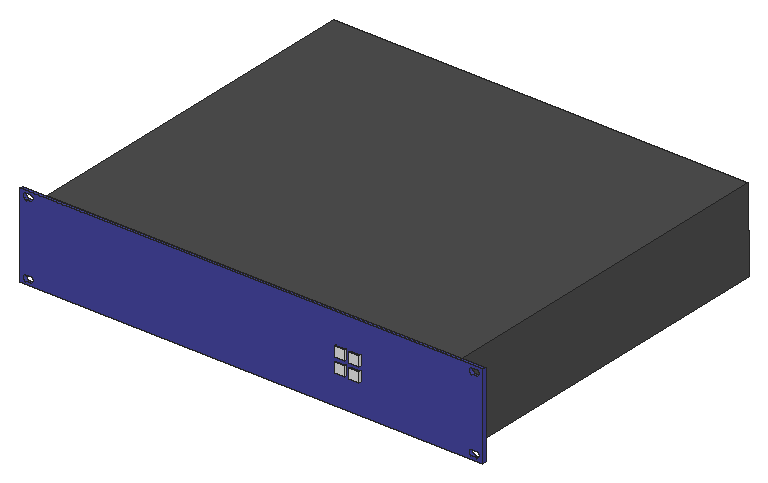
Revit family "DL155", category Communication Devices, Revit 2020
Family settings
  Maintain Annotation Orientation = No
  Round Connector Dimension = Use Diameter
  Part Type = Normal
  Work Plane-Based = Yes
  Always vertical = No
  Cut with Voids When Loaded = Yes
  Shared = No
  Room Calculation Point = No
Parameters
  Model = "DL155"
  Manufacturer = "Midas"
  Default Elevation = 0 mm
Reference planes
  plane 1 "Center (Front/Back)": y = 0
  plane 2: z = 0
  plane 3 "Center (Left/Right)": x = 0
  plane 4 "Front Panel": y = -3
  plane 5 "Rear panel": y = 374
Forms (mm)
  Extrusion 1, solid, material "Steel, Paint Finish, Blue"
    sketch origin (0, 0, 0) x (1, 0, 0) y (0, 0, 1)
      loop
        line (-241.5, 0) -> (241.498, 0) -> (241.498, 88.096) -> (-241.5, 88.096) -> (-241.5, 0)
    from 0 to 3
  Extrusion 2, void
    sketch origin (0, 0, -101.379) x (1, 0, 0) y (0, 0, 1)
      loop
        arc (-234.343, 187.274) -> (-237.842, 183.775) -> (-234.343, 180.276) r 3.499
        line (-234.343, 180.276) -> (-231.035, 180.276)
        arc (-231.035, 180.276) -> (-227.536, 183.775) -> (-231.035, 187.274) r 3.499
        line (-231.035, 187.274) -> (-234.343, 187.274)
    from 0 to 3
  Extrusion 3, void
    sketch origin (0, 0, -177.825) x (1, 0, 0) y (0, 0, 1)
      loop
        arc (-234.343, 187.274) -> (-237.842, 183.775) -> (-234.343, 180.276) r 3.499
        line (-234.343, 180.276) -> (-231.035, 180.276)
        arc (-231.035, 180.276) -> (-227.536, 183.775) -> (-231.035, 187.274) r 3.499
        line (-231.035, 187.274) -> (-234.343, 187.274)
    from 0 to 3
  Extrusion 4, void
    sketch origin (465.381, 0, -177.825) x (1, 0, 0) y (0, 0, 1)
      loop
        arc (-234.343, 187.274) -> (-237.842, 183.775) -> (-234.343, 180.276) r 3.499
        line (-234.343, 180.276) -> (-231.035, 180.276)
        arc (-231.035, 180.276) -> (-227.536, 183.775) -> (-231.035, 187.274) r 3.499
        line (-231.035, 187.274) -> (-234.343, 187.274)
    from 0 to 3
  Extrusion 5, void
    sketch origin (465.381, 0, -101.379) x (1, 0, 0) y (0, 0, 1)
      loop
        arc (-234.343, 187.274) -> (-237.842, 183.775) -> (-234.343, 180.276) r 3.499
        line (-234.343, 180.276) -> (-231.035, 180.276)
        arc (-231.035, 180.276) -> (-227.536, 183.775) -> (-231.035, 187.274) r 3.499
        line (-231.035, 187.274) -> (-234.343, 187.274)
    from 0 to 3
  Extrusion 6, solid, material "Steel, Paint Finish, Black"
    sketch origin (1.5, 0, 0) x (1, 0, 0) y (0, 0, 1)
      loop
        line (-218, 0) -> (215, 0) -> (215, 88.096) -> (-218, 88.096) -> (-218, 0)
    from 0 to -374
  Extrusion 7, void
    sketch origin (90.828, 374, 40.457) x (1, 0, 0) y (0, 0, 1)
      loop
        circle (108.554, 21.312) r 11.2
    from 0 to 16
  Extrusion 8, void
    sketch origin (-307.334, 374, 0) x (1, 0, 0) y (0, 0, 1)
      loop
        circle (108.554, 21.312) r 11.2
    from 0 to 16
  Extrusion 9, void
    sketch origin (0, 374, 0) x (1, 0, 0) y (0, 0, 1)
      loop
        line (172.779, 25.824) -> (172.779, 6.137) -> (200.678, 6.137) -> (200.678, 25.824) -> (172.779, 25.824)
    from 0 to 16
  Extrusion 10, solid, material "ABS - White"
    sketch origin (-0.004, -3, -120.907) x (-1, 0, 0) y (0, 0, 1)
      loop
        line (-88.173, 177.549) -> (-98.381, 177.549) -> (-98.381, 167.334) -> (-88.173, 167.334) -> (-88.173, 177.549)
    from 0 to -2
  Extrusion 11, solid, material "ABS - White"
    sketch origin (-0.004, -3, -135.907) x (-1, 0, 0) y (0, 0, 1)
      loop
        line (-88.173, 177.549) -> (-98.381, 177.549) -> (-98.381, 167.334) -> (-88.173, 167.334) -> (-88.173, 177.549)
    from 0 to -2
  Extrusion 12, solid, material "ABS - White"
    sketch origin (14.996, -3, -135.907) x (-1, 0, 0) y (0, 0, 1)
      loop
        line (-88.173, 177.549) -> (-98.381, 177.549) -> (-98.381, 167.334) -> (-88.173, 167.334) -> (-88.173, 177.549)
    from 0 to -2
  Extrusion 13, solid, material "ABS - White"
    sketch origin (14.996, -3, -120.907) x (-1, 0, 0) y (0, 0, 1)
      loop
        line (-88.173, 177.549) -> (-98.381, 177.549) -> (-98.381, 167.334) -> (-88.173, 167.334) -> (-88.173, 177.549)
    from 0 to -2
  Extrusion 14, void
    sketch origin (-152.269, 374, 0) x (1, 0, 0) y (0, 0, 1)
      loop
        circle (108.554, 21.312) r 11.2
    from 0 to 16
  Extrusion 15, void
    sketch origin (-177.987, 374, 0) x (1, 0, 0) y (0, 0, 1)
      loop
        circle (108.554, 21.312) r 11.2
    from 0 to 16
  Extrusion 16, void
    sketch origin (-281.616, 374, 0) x (1, 0, 0) y (0, 0, 1)
      loop
        circle (108.554, 21.312) r 11.2
    from 0 to 16
  Extrusion 17, void
    sketch origin (-255.898, 374, 0) x (1, 0, 0) y (0, 0, 1)
      loop
        circle (108.554, 21.312) r 11.2
    from 0 to 16
  Extrusion 18, void
    sketch origin (65.11, 374, 40.457) x (1, 0, 0) y (0, 0, 1)
      loop
        circle (108.554, 21.312) r 11.2
    from 0 to 16
  Extrusion 19, void
    sketch origin (39.392, 374, 40.457) x (1, 0, 0) y (0, 0, 1)
      loop
        circle (108.554, 21.312) r 11.2
    from 0 to 16
  Extrusion 20, void
    sketch origin (13.674, 374, 40.457) x (1, 0, 0) y (0, 0, 1)
      loop
        circle (108.554, 21.312) r 11.2
    from 0 to 16
  Extrusion 21, void
    sketch origin (-12.044, 374, 40.457) x (1, 0, 0) y (0, 0, 1)
      loop
        circle (108.554, 21.312) r 11.2
    from 0 to 16
  Extrusion 22, void
    sketch origin (-37.762, 374, 40.457) x (1, 0, 0) y (0, 0, 1)
      loop
        circle (108.554, 21.312) r 11.2
    from 0 to 16
  Extrusion 23, void
    sketch origin (-63.48, 374, 40.457) x (1, 0, 0) y (0, 0, 1)
      loop
        circle (108.554, 21.312) r 11.2
    from 0 to 16
  Extrusion 24, void
    sketch origin (-89.198, 374, 40.457) x (1, 0, 0) y (0, 0, 1)
      loop
        circle (108.554, 21.312) r 11.2
    from 0 to 16
  Extrusion 25, void
    sketch origin (-126.237, 374, 40.457) x (1, 0, 0) y (0, 0, 1)
      loop
        circle (108.554, 21.312) r 11.2
    from 0 to 16
  Extrusion 26, void
    sketch origin (-151.955, 374, 40.457) x (1, 0, 0) y (0, 0, 1)
      loop
        circle (108.554, 21.312) r 11.2
    from 0 to 16
  Extrusion 27, void
    sketch origin (-177.673, 374, 40.457) x (1, 0, 0) y (0, 0, 1)
      loop
        circle (108.554, 21.312) r 11.2
    from 0 to 16
  Extrusion 28, void
    sketch origin (-203.391, 374, 40.457) x (1, 0, 0) y (0, 0, 1)
      loop
        circle (108.554, 21.312) r 11.2
    from 0 to 16
  Extrusion 29, void
    sketch origin (-229.109, 374, 40.457) x (1, 0, 0) y (0, 0, 1)
      loop
        circle (108.554, 21.312) r 11.2
    from 0 to 16
  Extrusion 30, void
    sketch origin (-254.827, 374, 40.457) x (1, 0, 0) y (0, 0, 1)
      loop
        circle (108.554, 21.312) r 11.2
    from 0 to 16
  Extrusion 31, void
    sketch origin (-280.545, 374, 40.457) x (1, 0, 0) y (0, 0, 1)
      loop
        circle (108.554, 21.312) r 11.2
    from 0 to 16
  Extrusion 32, void
    sketch origin (-306.263, 374, 40.457) x (1, 0, 0) y (0, 0, 1)
      loop
        circle (108.554, 21.312) r 11.2
    from 0 to 16
  Extrusion 33, void
    sketch origin (-126.551, 374, 0) x (1, 0, 0) y (0, 0, 1)
      loop
        circle (108.554, 21.312) r 11.2
    from 0 to 16
  Extrusion 34, void
    sketch origin (-100.833, 374, 0) x (1, 0, 0) y (0, 0, 1)
      loop
        circle (108.554, 21.312) r 11.2
    from 0 to 16
  Extrusion 35, void
    sketch origin (-75.115, 374, 0) x (1, 0, 0) y (0, 0, 1)
      loop
        circle (108.554, 21.312) r 11.2
    from 0 to 16
  Extrusion 36, void
    sketch origin (-49.397, 374, 0) x (1, 0, 0) y (0, 0, 1)
      loop
        circle (108.554, 21.312) r 11.2
    from 0 to 16
  Extrusion 37, void
    sketch origin (-23.679, 374, 0) x (1, 0, 0) y (0, 0, 1)
      loop
        circle (108.554, 21.312) r 11.2
    from 0 to 16
  Extrusion 38, void
    sketch origin (2.04, 374, 0) x (1, 0, 0) y (0, 0, 1)
      loop
        circle (108.554, 21.312) r 11.2
    from 0 to 16
Cuts and joins
  Extrusion 2, Extrusion 3, Extrusion 4, Extrusion 5 cuts Extrusion 1
  Extrusion 7, Extrusion 8, Extrusion 9, Extrusion 14, Extrusion 15, Extrusion 16, Extrusion 17, Extrusion 18, Extrusion 19, Extrusion 20, Extrusion 21, Extrusion 22, Extrusion 23, Extrusion 24, Extrusion 25, Extrusion 26, Extrusion 27, Extrusion 28, Extrusion 29, Extrusion 30, Extrusion 31, Extrusion 32, Extrusion 33, Extrusion 34, Extrusion 35, Extrusion 36, Extrusion 37, Extrusion 38 cuts Extrusion 6
Lines and regions (mm)
  Split face 1
    outline origin (241.498, -3, 0) x (0, 0, 1) y (-1, 0, 0)
      loop
        line (78.623, 430.725) -> (52.703, 445.69) -> (35.402, 445.69) -> (9.482, 430.725) -> (9.482, 382.036) -> (35.402, 367.072) -> (52.703, 367.072) -> (78.623, 382.036) -> (78.623, 430.725)
  Split face 2
    outline origin (244.945, -3, -125.997) x (0, 0, 1) y (-1, 0, 0)
      loop
        circle (168.745, 351.089) r 1.498
  Split face 3
    outline origin (244.945, -3, -125.997) x (0, 0, 1) y (-1, 0, 0)
      loop
        circle (168.745, 342.079) r 1.498
  Split face 4
    outline origin (244.945, -3, -125.997) x (0, 0, 1) y (-1, 0, 0)
      loop
        circle (168.745, 333.072) r 1.498
  Split face 5
    outline origin (244.945, -3, -125.997) x (0, 0, 1) y (-1, 0, 0)
      loop
        circle (168.745, 324.066) r 1.498
  Split face 6
    outline origin (244.945, -3, -125.997) x (0, 0, 1) y (-1, 0, 0)
      loop
        circle (168.744, 315.059) r 1.5
  Split face 7
    outline origin (241.457, -3, -125.997) x (0, 0, 1) y (-1, 0, 0)
      loop
        circle (168.744, 290.051) r 1.473
  Split face 8
    outline origin (241.494, -3, -120.907) x (0, 0, 1) y (-1, 0, 0)
      loop
        arc (172.695, 233.001) -> (172.256, 234.062) -> (171.195, 234.501) r 1.5
        line (171.195, 234.501) -> (158.672, 234.501)
        arc (158.672, 234.501) -> (157.611, 234.062) -> (157.172, 233.001) r 1.5
        line (157.172, 233.001) -> (157.172, 170.439)
        arc (157.172, 170.439) -> (157.611, 169.378) -> (158.672, 168.939) r 1.5
        line (158.672, 168.939) -> (171.195, 168.939)
        arc (171.195, 168.939) -> (172.256, 169.378) -> (172.695, 170.439) r 1.5
        line (172.695, 170.439) -> (172.695, 233.001)
  Split face 9
    outline origin (112.346, -3, -125.998) x (0, 0, 1) y (-1, 0, 0)
      loop
        circle (168.745, 132.207) r 1.469
  Split face 10
    outline origin (112.346, -3, -125.998) x (0, 0, 1) y (-1, 0, 0)
      loop
        circle (168.745, 127.126) r 1.471
  Split face 11
    outline origin (284.395, 374, 163.736) x (0, 0, -1) y (-1, 0, 0)
      loop
        arc (142.584, 384.106) -> (143.237, 382.53) -> (144.813, 381.876) r 2.23
        line (144.813, 381.876) -> (152.321, 383.332)
        arc (152.321, 383.332) -> (153.777, 384.106) -> (154.55, 385.562) r 2.816
        line (154.55, 385.562) -> (154.55, 399.119)
        arc (154.55, 399.119) -> (153.777, 400.576) -> (152.321, 401.35) r 2.816
        line (152.321, 401.35) -> (144.813, 402.806)
        arc (144.813, 402.806) -> (143.237, 402.152) -> (142.584, 400.576) r 2.23
        line (142.584, 400.576) -> (142.584, 384.106)
  Split face 12
    outline origin (284.395, 374, 163.736) x (0, 0, -1) y (-1, 0, 0)
      loop
        arc (144.709, 385.973) -> (145.116, 384.85) -> (146.148, 384.248) r 1.754
        line (146.148, 384.248) -> (150.987, 385.375)
        arc (150.987, 385.375) -> (151.995, 385.997) -> (152.425, 387.101) r 1.863
        line (152.425, 387.101) -> (152.425, 397.581)
        arc (152.425, 397.581) -> (151.995, 398.685) -> (150.987, 399.307) r 1.863
        line (150.987, 399.307) -> (146.148, 400.434)
        arc (146.148, 400.434) -> (145.116, 399.832) -> (144.709, 398.709) r 1.754
        line (144.709, 398.709) -> (144.709, 385.973)
  Split face 13
    outline origin (293.515, 374, 184.832) x (0, 0, -1) y (-1, 0, 0)
      loop
        circle (170.603, 422.805) r 1.721
Dimensions and locks
  aligned and locked: level to plane 2
Nested families
  nested 1: "NE8FD Ethercon" at (-198.78, 374, 21.312) x (-1, 0, 0) z (0, 1, 0), type "NE8FD Ethercon"
  nested 2: "NE8FD Ethercon" at (-173.062, 374, 21.312) x (-1, 0, 0) z (0, 1, 0), type "NE8FD Ethercon"
  nested 3: "NE8FD Ethercon" at (-147.343, 374, 21.312) x (-1, 0, 0) z (0, 1, 0), type "NE8FD Ethercon"
  nested 4: "IEC with switch3" at (186.671, 374, 15.531) x (-1, 0, 0) z (0, 1, 0), type "IEC with switch3"
  nested 5: "XLR-M with LED" at (199.383, 374, 61.769) x (-1, 0, 0) z (0, 1, 0), type "XLR-M with LED"
  nested 6: "XLR-F with LED" at (84.876, 374, 21.312) x (-1, 0, 0) z (0, 1, 0), type "XLR-F with LED"
  nested 7: "XLR-M with LED" at (173.665, 374, 61.769) x (-1, 0, 0) z (0, 1, 0), type "XLR-M with LED"
  nested 8: "XLR-M with LED" at (147.946, 374, 61.769) x (-1, 0, 0) z (0, 1, 0), type "XLR-M with LED"
  nested 9: "XLR-F with LED" at (33.44, 374, 21.312) x (-1, 0, 0) z (0, 1, 0), type "XLR-F with LED"
  nested 10: "XLR-M with LED" at (122.228, 374, 61.769) x (-1, 0, 0) z (0, 1, 0), type "XLR-M with LED"
  nested 11: "XLR-M with LED" at (96.51, 374, 61.769) x (-1, 0, 0) z (0, 1, 0), type "XLR-M with LED"
  nested 12: "XLR-F with LED" at (-17.997, 374, 21.312) x (-1, 0, 0) z (0, 1, 0), type "XLR-F with LED"
  nested 13: "XLR-M with LED" at (70.792, 374, 61.769) x (-1, 0, 0) z (0, 1, 0), type "XLR-M with LED"
  nested 14: "XLR-M with LED" at (45.074, 374, 61.769) x (-1, 0, 0) z (0, 1, 0), type "XLR-M with LED"
  nested 15: "XLR-F with LED" at (-69.433, 374, 21.312) x (-1, 0, 0) z (0, 1, 0), type "XLR-F with LED"
  nested 16: "XLR-M with LED" at (19.356, 374, 61.769) x (-1, 0, 0) z (0, 1, 0), type "XLR-M with LED"
  nested 17: "XLR-F with LED" at (-17.682, 374, 61.769) x (-1, 0, 0) z (0, 1, 0), type "XLR-F with LED"
  nested 18: "XLR-F with LED" at (-43.4, 374, 61.769) x (-1, 0, 0) z (0, 1, 0), type "XLR-F with LED"
  nested 19: "XLR-F with LED" at (-69.118, 374, 61.769) x (-1, 0, 0) z (0, 1, 0), type "XLR-F with LED"
  nested 20: "XLR-F with LED" at (-94.837, 374, 61.769) x (-1, 0, 0) z (0, 1, 0), type "XLR-F with LED"
  nested 21: "XLR-F with LED" at (-120.555, 374, 61.769) x (-1, 0, 0) z (0, 1, 0), type "XLR-F with LED"
  nested 22: "XLR-F with LED" at (-146.273, 374, 61.769) x (-1, 0, 0) z (0, 1, 0), type "XLR-F with LED"
  nested 23: "XLR-F with LED" at (-171.991, 374, 61.769) x (-1, 0, 0) z (0, 1, 0), type "XLR-F with LED"
  nested 24: "XLR-F with LED" at (-197.709, 374, 61.769) x (-1, 0, 0) z (0, 1, 0), type "XLR-F with LED"
  nested 25: "XLR-M with LED" at (110.594, 374, 21.312) x (-1, 0, 0) z (0, 1, 0), type "XLR-M with LED"
  nested 26: "XLR-M with LED" at (59.158, 374, 21.312) x (-1, 0, 0) z (0, 1, 0), type "XLR-M with LED"
  nested 27: "XLR-M with LED" at (7.721, 374, 21.312) x (-1, 0, 0) z (0, 1, 0), type "XLR-M with LED"
  nested 28: "XLR-M with LED" at (-43.715, 374, 21.312) x (-1, 0, 0) z (0, 1, 0), type "XLR-M with LED"
Definition of nested family "NE8FD Ethercon"
  Parameters
    Default Elevation = 1219.2 mm
  Reference planes
    plane 1 "Center (Front/Back)": y = 0
    plane 2: z = 0
    plane 3 "Center (Left/Right)": x = 0
  Forms (mm)
    Extrusion 1, solid
      sketch origin (-12.612, 0, 0) x (1, 0, 0) y (0, 1, 0)
        loop
          circle (12.613, 0.021) r 11.058
      from -16 to 1.5
    Extrusion 2, void
      sketch origin (-12.612, 0, 0) x (1, 0, 0) y (0, 1, 0)
        loop
          circle (12.612, 0.021) r 9.9
      from -12 to 1.5
    Extrusion 3, solid
      sketch origin (-12.612, 0, 0) x (1, 0, 0) y (0, 1, 0)
        loop
          line (9.613, 9.921) -> (15.612, 9.921)
          arc (15.612, 9.921) -> (17.027, 10.507) -> (17.612, 11.921) r 2
          line (17.612, 11.921) -> (17.612, 13.337)
          arc (17.612, 13.337) -> (17.271, 14.455) -> (16.362, 15.191) r 2
          arc (16.362, 15.191) -> (12.612, 15.921) -> (8.862, 15.191) r 10
          arc (8.862, 15.191) -> (7.954, 14.455) -> (7.612, 13.337) r 2
          line (7.612, 13.337) -> (7.612, 11.921)
          arc (7.612, 11.921) -> (8.198, 10.507) -> (9.613, 9.921) r 2
      from 3.3 to 4.2
    Extrusion 4, solid
      sketch origin (-12.612, 0, 0) x (1, 0, 0) y (0, 1, 0)
        loop
          line (11.106, 9.921) -> (14.119, 9.921) -> (14.119, 10.975)
          arc (14.119, 10.975) -> (12.613, 11.079) -> (11.106, 10.975) r 11.058
          line (11.106, 10.975) -> (11.106, 9.921)
      from 3.3 to 1.5
    Extrusion 5, void
      sketch origin (-12.612, 0, 0) x (1, 0, 0) y (0, 1, 0)
        loop
          line (6.713, 3.65) -> (6.713, -3.15) -> (9.313, -3.15) -> (9.313, -5.15) -> (10.763, -5.15) -> (10.763, -6.45) -> (14.463, -6.45) -> (14.463, -5.15) -> (15.913, -5.15) -> (15.913, -3.15) -> (18.513, -3.15) -> (18.513, 3.65) -> (6.713, 3.65)
      from -10 to 1.5
    Extrusion 6, solid
      sketch origin (-12.612, 0, 0) x (1, 0, 0) y (0, 1, 0)
        loop
          circle (12.612, 0) r 8
      from -12 to 1.5
    Extrusion 7, void
      sketch origin (-12.612, 0, 0) x (1, 0, 0) y (0, 1, 0)
        loop
          circle (12.613, 0) r 11.1
      from 0 to -16
  Cuts and joins
    Extrusion 2, Extrusion 5 cuts Extrusion 1
    Extrusion 2 cuts Extrusion 4
    Extrusion 5 cuts Extrusion 6
  Dimensions and locks
    aligned and locked: level to plane 2
Definition of nested family "IEC with switch3"
  Parameters (values of type "IEC with switch3")
    Default Elevation = 1219.2 mm
  Reference planes
    plane 1 "Center (Front/Back)": y = 0
    plane 2: z = 0
    plane 3 "Center (Left/Right)": x = 0
  Forms (mm)
    Extrusion 1, void
      sketch origin (0, 0, 0) x (1, 0, 0) y (0, 1, 0)
        loop
          arc (12, 5.5) -> (11.268, 7.268) -> (9.5, 8) r 2.5
          line (9.5, 8) -> (-9.5, 8)
          arc (-9.5, 8) -> (-11.268, 7.268) -> (-12, 5.5) r 2.5
          line (-12, 5.5) -> (-12, -3) -> (-7, -8) -> (7, -8) -> (12, -3) -> (12, 5.5)
      from 2 to -15
    Extrusion 2, solid
      sketch origin (0, 0, 0) x (1, 0, 0) y (0, 1, 0)
        loop
          arc (-11.144, 24.05) -> (-14.279, 23.165) -> (-16.49, 20.774) r 6
          line (-16.49, 20.774) -> (-22.363, 9.247)
          arc (-22.363, 9.247) -> (-23.017, 6.523) -> (-22.363, 3.799) r 6
          line (-22.363, 3.799) -> (-16.245, -8.208)
          arc (-16.245, -8.208) -> (-14.034, -10.6) -> (-10.899, -11.484) r 6
          line (-10.899, -11.484) -> (10.899, -11.484)
          arc (10.899, -11.484) -> (14.034, -10.6) -> (16.245, -8.208) r 6
          line (16.245, -8.208) -> (22.363, 3.799)
          arc (22.363, 3.799) -> (23.017, 6.523) -> (22.363, 9.247) r 6
          line (22.363, 9.247) -> (16.49, 20.774)
          arc (16.49, 20.774) -> (14.279, 23.165) -> (11.144, 24.05) r 6
          line (11.144, 24.05) -> (-11.144, 24.05)
      from 2 to 0
    Extrusion 3, solid
      sketch origin (0, 0, 0) x (1, 0, 0) y (0, 1, 0)
        loop
          line (-8, 3.6) -> (-8, -0.4) -> (-6, -0.4) -> (-6, 3.6) -> (-8, 3.6)
      from 1 to -15
    Extrusion 4, solid
      sketch origin (7, -4, 0) x (1, 0, 0) y (0, 1, 0)
        loop
          line (-8, 3.6) -> (-8, -0.4) -> (-6, -0.4) -> (-6, 3.6) -> (-8, 3.6)
      from 1 to -15
    Extrusion 5, solid
      sketch origin (14, 0, 0) x (1, 0, 0) y (0, 1, 0)
        loop
          line (-8, 3.6) -> (-8, -0.4) -> (-6, -0.4) -> (-6, 3.6) -> (-8, 3.6)
      from 1 to -15
    Extrusion 6, void
      sketch origin (0, 0, 0) x (1, 0, 0) y (0, 1, 0)
        loop
          arc (-11.5, 22.9) -> (-13.268, 22.168) -> (-14, 20.4) r 2.5
          line (-14, 20.4) -> (-14, -7.297)
          arc (-14, -7.297) -> (-13.268, -9.065) -> (-11.5, -9.797) r 2.5
          line (-11.5, -9.797) -> (11.5, -9.797)
          arc (11.5, -9.797) -> (13.268, -9.065) -> (14, -7.297) r 2.5
          line (14, -7.297) -> (14, 20.4)
          arc (14, 20.4) -> (13.268, 22.168) -> (11.5, 22.9) r 2.5
          line (11.5, 22.9) -> (-11.5, 22.9)
      from 0 to -20
    Extrusion 7, solid
      sketch origin (0, 0, 0) x (1, 0, 0) y (0, 1, 0)
        loop
          arc (-11.5, 22.9) -> (-13.268, 22.168) -> (-14, 20.4) r 2.5
          line (-14, 20.4) -> (-14, -7.297)
          arc (-14, -7.297) -> (-13.268, -9.065) -> (-11.5, -9.797) r 2.5
          line (-11.5, -9.797) -> (11.5, -9.797)
          arc (11.5, -9.797) -> (13.268, -9.065) -> (14, -7.297) r 2.5
          line (14, -7.297) -> (14, 20.4)
          arc (14, 20.4) -> (13.268, 22.168) -> (11.5, 22.9) r 2.5
          line (11.5, 22.9) -> (-11.5, 22.9)
      from 0 to -20
  Cuts and joins
    Extrusion 1, Extrusion 6 cuts Extrusion 2
    Extrusion 1 cuts Extrusion 7
  Lines and regions (mm)
    Split face 1
      outline origin (-11.409, 28.204, 2) x (-1, 0, 0) y (0, -1, 0)
        loop
          line (-20.558, 16.3) -> (-20.558, 8.728) -> (-2.314, 8.728) -> (-2.314, 16.3) -> (-20.558, 16.3)
    model lines
      curve 1: line (-11.318, 21.168, 2) -> (11.536, 21.168, 2)
      curve 2: arc (11.536, 21.168, 2) -> (12.243, 20.875, 2) -> (12.536, 20.168, 2) r 1
      curve 3: line (12.536, 20.168, 2) -> (12.536, 11.4, 2)
      curve 4: arc (12.536, 11.4, 2) -> (12.243, 10.693, 2) -> (11.536, 10.4, 2) r 1
      curve 5: line (11.536, 10.4, 2) -> (-11.318, 10.4, 2)
      curve 6: arc (-11.318, 10.4, 2) -> (-12.025, 10.693, 2) -> (-12.318, 11.4, 2) r 1
      curve 7: line (-12.318, 11.4, 2) -> (-12.318, 20.168, 2)
      curve 8: arc (-12.318, 20.168, 2) -> (-12.025, 20.875, 2) -> (-11.318, 21.168, 2) r 1
      curve 9: line (-3.781, 19.476, 2) -> (-3.781, 11.904, 2)
  Dimensions and locks
    aligned and locked: level to plane 2
Definition of nested family "XLR-M with LED"
  Parameters
    Default Elevation = 1219.2 mm
  Reference planes
    plane 1 "Center (Front/Back)": y = 0
    plane 2: z = 0
    plane 3 "Center (Left/Right)": x = 0
  Forms (mm)
    Extrusion 1, solid
      sketch origin (-12.612, 0, 0) x (1, 0, 0) y (0, 1, 0)
        loop
          circle (12.613, 0.021) r 11.058
      from -16 to 1.5
    Extrusion 2, void
      sketch origin (-12.612, 0, 0) x (1, 0, 0) y (0, 1, 0)
        loop
          circle (12.612, 0.021) r 9.9
      from -10 to 1.5
    Extrusion 3, solid
      sketch origin (0, 0, 0) x (1, 0, 0) y (0, 1, 0)
        loop
          circle (-4.05, 0.021) r 1.1
      from -10 to 1
    Extrusion 4, solid
      sketch origin (8.1, 0, 0) x (1, 0, 0) y (0, 1, 0)
        loop
          circle (-4.05, 0.021) r 1.1
      from -10 to 1
    Extrusion 5, solid
      sketch origin (4.05, -3.96, 0) x (1, 0, 0) y (0, 1, 0)
        loop
          circle (-4.05, 0.021) r 1.1
      from -10 to 1
    Extrusion 6, void
      sketch origin (-32.913, 0, 0) x (1, 0, 0) y (0, 1, 0)
        loop
          circle (32.913, 0) r 11.2
      from 0 to -16
    Extrusion 7, solid
      sketch origin (0, 0, 0) x (1, 0, 0) y (0, 1, 0)
        loop
          circle (-11.112, -10.139) r 1.5
      from 0 to 1
  Cuts and joins
    Extrusion 2 cuts Extrusion 1
  Lines and regions (mm)
    Split face 1
      outline origin (9.9, 0.021, -10) x (-1, 0, 0) y (0, -1, 0)
        loop
          circle (9.9, 0.021) r 8
  Dimensions and locks
    aligned and locked: level to plane 2
Definition of nested family "XLR-F with LED"
  Parameters
    Default Elevation = 1219.2 mm
  Reference planes
    plane 1 "Center (Front/Back)": y = 0
    plane 2: z = 0
    plane 3 "Center (Left/Right)": x = 0
  Forms (mm)
    Extrusion 1, solid
      sketch origin (-12.612, 0, 0) x (1, 0, 0) y (0, 1, 0)
        loop
          circle (12.613, 0.021) r 11.058
      from -16 to 1.5
    Extrusion 2, void
      sketch origin (-12.612, 0, 0) x (1, 0, 0) y (0, 1, 0)
        loop
          circle (12.612, 0.021) r 9.9
      from -12 to 1.5
    Extrusion 3, solid
      sketch origin (-12.612, 0, 0) x (1, 0, 0) y (0, 1, 0)
        loop
          line (9.613, 9.921) -> (15.612, 9.921)
          arc (15.612, 9.921) -> (17.027, 10.507) -> (17.612, 11.921) r 2
          line (17.612, 11.921) -> (17.612, 13.337)
          arc (17.612, 13.337) -> (17.271, 14.455) -> (16.362, 15.191) r 2
          arc (16.362, 15.191) -> (12.612, 15.921) -> (8.862, 15.191) r 10
          arc (8.862, 15.191) -> (7.954, 14.455) -> (7.612, 13.337) r 2
          line (7.612, 13.337) -> (7.612, 11.921)
          arc (7.612, 11.921) -> (8.198, 10.507) -> (9.613, 9.921) r 2
      from 3.3 to 4.2
    Extrusion 4, solid
      sketch origin (-12.612, 0, 0) x (1, 0, 0) y (0, 1, 0)
        loop
          line (11.106, 9.921) -> (14.119, 9.921) -> (14.119, 10.975)
          arc (14.119, 10.975) -> (12.613, 11.079) -> (11.106, 10.975) r 11.058
          line (11.106, 10.975) -> (11.106, 9.921)
      from 3.3 to 1.5
    Extrusion 5, solid
      sketch origin (-12.612, 0, 0) x (1, 0, 0) y (0, 1, 0)
        loop
          circle (1.5, -10.139) r 1.5
      from 0 to 1
    Extrusion 6, void
      sketch origin (-12.612, 0, 0) x (1, 0, 0) y (0, 1, 0)
        loop
          circle (8.562, 0.021) r 1.325
      from -12 to 1.5
    Extrusion 7, void
      sketch origin (-12.612, 0, 0) x (1, 0, 0) y (0, 1, 0)
        loop
          circle (16.663, 0.021) r 1.325
      from -12 to 1.5
    Extrusion 8, void
      sketch origin (-12.612, 0, 0) x (1, 0, 0) y (0, 1, 0)
        loop
          circle (12.612, -3.939) r 1.325
      from -12 to 1.5
    Extrusion 9, solid
      sketch origin (-12.612, 0, 0) x (1, 0, 0) y (0, 1, 0)
        loop
          circle (12.612, 0) r 8
      from -12 to 1.5
    Extrusion 10, void
      sketch origin (-12.612, 0, 0) x (1, 0, 0) y (0, 1, 0)
        loop
          circle (12.613, 0) r 11.1
      from 0 to -16
  Cuts and joins
    Extrusion 2, Extrusion 6, Extrusion 7, Extrusion 8 cuts Extrusion 1
    Extrusion 2 cuts Extrusion 4
    Extrusion 6, Extrusion 7, Extrusion 8 cuts Extrusion 9
  Dimensions and locks
    aligned and locked: level to plane 2
